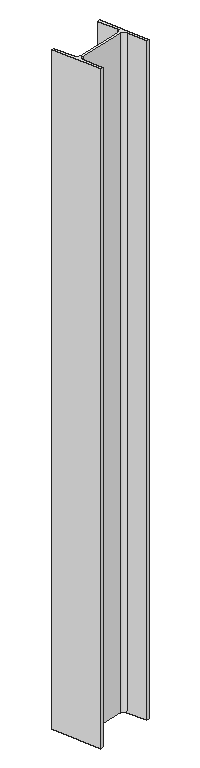
Revit family "M_W-Flange extensa-Coluna", category Pilares estruturais, Revit 2019
Family settings
  Forma do corte = Não definido
  Material para o comportamento do modelo = Aço
  Exportar sempre como geometria = Não
  Redução da viga na planta = Da caixa de vinculação
  Número OmniClass = 23.25.30.11.14.11
  Título OmniClass = Columns
  ID de item do Seek = W-Wide Flange-Column-0000-CAN-ENU
  Corte com vazios quando carregada = Não
  Representação simbólica = Das configurações de projeto
  Compartilhado = Não
  Exibir o pré-corte da família na vista da planta = Sim
Parameters (values of type "W250X49.1")
  W = 0.48
  Structural Material [instance] = Aço, 45-345
  Assembly Code = ""
  bf = 202 mm
  d = 247 mm
  k = 28 mm
  kr = k - tf  # 17 mm
  tf = 11 mm
  tw = 7.4 mm
  A = 0.006 m²
Types (2, lengths in mm): name | W | bf | d | k | kr | tf | tw | A
  W250X73 | 0.72 | 254 | 253 | 31 | 16.8 | 14.2 | 8.6 | 0.00931 m²
  W250X49.1 | 0.48 | 202 | 247 | 28 | 17 | 11 | 7.4 | 0.006 m²
Reference planes
  plane 1: y = 0
  plane 2: z = 0
  plane 3: x = 0
  plane 4: x = -101
  plane 5: x = 101
  plane 6: y = 123.5
  plane 7: y = -123.5
  plane 8: x = -3.969
  plane 9: x = 3.969
Forms (mm)
  Extrusion 1, solid, material "Aço, 45-345" <- "Structural Material", detail levels medium
    sketch origin (0, 0, 0) x (1, 0, 0) y (0, 1, 0)
      loop
        line (-101, 123.5) -> (-101, 112.5) -> (-3.7, 112.5) -> (-3.7, -112.5) -> (-101, -112.5) -> (-101, -123.5) -> (101, -123.5) -> (101, -112.5) -> (3.7, -112.5) -> (3.7, 112.5) -> (101, 112.5) -> (101, 123.5) -> (-101, 123.5)
    from 0 to 2500
  Extrusion 2, solid, material "Aço, 45-345" <- "Structural Material", detail levels fine
    sketch origin (0, 0, 0) x (1, 0, 0) y (0, 1, 0)
      loop
        line (-101, 123.5) -> (-101, 112.5) -> (-20.7, 112.5)
        arc (-20.7, 112.5) -> (-8.679, 107.521) -> (-3.7, 95.5) r 17
        line (-3.7, 95.5) -> (-3.7, -95.5)
        arc (-3.7, -95.5) -> (-8.679, -107.521) -> (-20.7, -112.5) r 17
        line (-20.7, -112.5) -> (-101, -112.5) -> (-101, -123.5) -> (101, -123.5) -> (101, -112.5) -> (20.7, -112.5)
        arc (20.7, -112.5) -> (8.679, -107.521) -> (3.7, -95.5) r 17
        line (3.7, -95.5) -> (3.7, 95.5)
        arc (3.7, 95.5) -> (8.679, 107.521) -> (20.7, 112.5) r 17
        line (20.7, 112.5) -> (101, 112.5) -> (101, 123.5) -> (-101, 123.5)
    from 0 to 2500
Lines and regions (mm)
  symbolic lines, style "StructuralColumnStickSymbols", detail levels coarse
    curve 1: line (-101, 123.5, 0) -> (101, 123.5, 0)
    curve 2: line (-101, -123.5, 0) -> (101, -123.5, 0)
    curve 3: line (0, 123.5, 0) -> (0, -123.5, 0)
  symbolic lines, style "Faces ocultas", detail levels medium+fine
    curve 4: line (-3.969, 0, 0) -> (-3.969, 0, 2500)
    curve 5: line (3.969, 0, 2500) -> (3.969, 0, 0)
Dimensions and locks
  equal spacing: plane 4, plane 3, plane 5
  equal spacing: plane 7, plane 1, plane 6
  "d": plane 7 to plane 6
  "bf": plane 4 to plane 5
  "tf": plane 7 to Extrusion 1 sketch curve
  "tf": Extrusion 1 sketch curve to plane 6
  equal spacing: Extrusion 1 sketch curve, plane 3, Extrusion 1 sketch curve
  "tw": Extrusion 1 sketch curve to Extrusion 1 sketch curve
  "kr": radius of Extrusion 2 sketch curve  (x4)
  aligned and locked: plane 6 to Extrusion 1 sketch curve
  aligned and locked: Extrusion 1 sketch curve to plane 7
  aligned and locked: Extrusion 1 sketch curve to plane 4  (x2)
  aligned and locked: plane 5 to Extrusion 1 sketch curve  (x2)
  aligned and locked: Extrusion 1 sketch curve to Extrusion 1 sketch curve  (x2)
  aligned and locked: level to Extrusion 1
  aligned and locked: level to plane 2
  aligned and locked: Extrusion 1 to plane 2
  aligned and locked: plane 6 to Extrusion 2 sketch curve
  aligned and locked: plane 5 to Extrusion 2 sketch curve  (x2)
  aligned and locked: Extrusion 2 sketch curve to plane 4  (x2)
  aligned and locked: Extrusion 2 sketch curve to Extrusion 1  (x6)
  aligned and locked: Extrusion 2 sketch curve to plane 7
  aligned and locked: level to Extrusion 2
  aligned and locked: Extrusion 2 to level
Automatic sketch dimensions
  curve 2 to plane 4 = 0 mm
  curve 1 to plane 4 = 0 mm
  curve 3 to plane 3 = 0 mm
  curve 2 to plane 5 = 0 mm
  curve 1 to plane 5 = 0 mm
  curve 3 to plane 7 = 0 mm
  curve 3 to plane 6 = 0 mm
  curve 4 to level = 0 mm  (x2)
  curve 4 to plane 8 = 0 mm
  curve 5 to level = 0 mm  (x2)
  curve 5 to plane 9 = 0 mm
Types in the file's own list only (272): name | W | bf | d | k | kr | tf | tw | A
  W1100X499 | 4.894 | 404 mm | 1120 mm | 67 mm | 22 mm | 45 mm | 26 mm | 0.06 m²
  W1100X433 | 4.246 | 401 mm | 1110 mm | 62 mm | 22 mm | 40 mm | 22 mm | 0.06 m²
  W1100X390 | 3.825 | 401 mm | 1100 mm | 57 mm | 21 mm | 36 mm | 20 mm | 0.05 m²
  W1100X343 | 3.364 | 401 mm | 1090 mm | 52 mm | 21 mm | 31 mm | 18 mm | 0.04 m²
  W1000X883 | 8.659 | 424 mm | 1090 mm | 114 mm | 32 mm | 82 mm | 46 mm | 0.11 m²
  W1000X748 | 7.335 | 417 mm | 1070 mm | 102 mm | 32 mm | 70 mm | 39 mm | 0.10 m²
  W1000X642 | 6.296 | 411 mm | 1050 mm | 92 mm | 32 mm | 60 mm | 34 mm | 0.08 m²
  W1000X591 | 5.796 | 409 mm | 1040 mm | 89 mm | 33 mm | 56 mm | 31 mm | 0.08 m²
  W1000X554 | 5.433 | 409 mm | 1030 mm | 84 mm | 32 mm | 52 mm | 30 mm | 0.07 m²
  W1000X539 | 5.286 | 406 mm | 1030 mm | 83 mm | 32 mm | 51 mm | 28 mm | 0.07 m²
  W1000X483 | 4.737 | 404 mm | 1020 mm | 78 mm | 32 mm | 46 mm | 25 mm | 0.06 m²
  W1000X443 | 4.344 | 401 mm | 1010 mm | 75 mm | 33 mm | 42 mm | 24 mm | 0.06 m²
  W1000X412 | 4.04 | 401 mm | 1010 mm | 73 mm | 33 mm | 40 mm | 21 mm | 0.05 m²
  W1000X371 | 3.638 | 401 mm | 1000 mm | 68 mm | 32 mm | 36 mm | 19 mm | 0.05 m²
  W1000X321 | 3.148 | 401 mm | 991 mm | 64 mm | 33 mm | 31 mm | 17 mm | 0.04 m²
  W1000X296 | 2.903 | 401 mm | 983 mm | 59 mm | 32 mm | 27 mm | 17 mm | 0.04 m²
  W1000X584 | 5.727 | 315 mm | 1060 mm | 97 mm | 33 mm | 64 mm | 36 mm | 0.07 m²
  W1000X494 | 4.844 | 310 mm | 1040 mm | 86 mm | 32 mm | 54 mm | 31 mm | 0.06 m²
  W1000X486 | 4.766 | 307 mm | 1040 mm | 86 mm | 32 mm | 54 mm | 30 mm | 0.06 m²
  W1000X438 | 4.295 | 305 mm | 1030 mm | 81 mm | 32 mm | 49 mm | 27 mm | 0.06 m²
  W1000X415 | 4.07 | 305 mm | 1020 mm | 78 mm | 32 mm | 46 mm | 26 mm | 0.05 m²
  W1000X393 | 3.854 | 302 mm | 1020 mm | 76 mm | 32 mm | 44 mm | 24 mm | 0.05 m²
  W1000X350 | 3.432 | 302 mm | 1010 mm | 73 mm | 33 mm | 40 mm | 21 mm | 0.04 m²
  W1000X314 | 3.079 | 300 mm | 1000 mm | 68 mm | 32 mm | 36 mm | 19 mm | 0.04 m²
  W1000X272 | 2.667 | 300 mm | 991 mm | 64 mm | 33 mm | 31 mm | 17 mm | 0.03 m²
  W1000X249 | 2.442 | 300 mm | 980 mm | 59 mm | 33 mm | 26 mm | 17 mm | 0.03 m²
  W1000X222 | 2.177 | 300 mm | 970 mm | 54 mm | 33 mm | 21 mm | 16 mm | 0.03 m²
  W920X1191 | 11.67 | 457 mm | 1080 mm | 141 mm | 32 mm | 109 mm | 61 mm | 0.15 m²
  W920X970 | 9.512 | 447 mm | 1040 mm | 122 mm | 32 mm | 90 mm | 50 mm | 0.12 m²
  W920X787 | 7.718 | 437 mm | 1010 mm | 106 mm | 32 mm | 74 mm | 41 mm | 0.10 m²
  W920X725 | 7.11 | 434 mm | 998 mm | 102 mm | 34 mm | 68 mm | 38 mm | 0.09 m²
  W920X656 | 6.433 | 432 mm | 988 mm | 95 mm | 33 mm | 62 mm | 35 mm | 0.08 m²
  W920X588 | 5.766 | 427 mm | 975 mm | 87 mm | 31 mm | 56 mm | 31 mm | 0.07 m²
  W920X537 | 5.266 | 424 mm | 965 mm | 84 mm | 33 mm | 51 mm | 28 mm | 0.07 m²
  W920X491 | 4.815 | 422 mm | 958 mm | 79 mm | 32 mm | 47 mm | 26 mm | 0.06 m²
  W920X449 | 4.403 | 424 mm | 947 mm | 76 mm | 34 mm | 43 mm | 24 mm | 0.06 m²
  W920X420 | 4.119 | 422 mm | 942 mm | 73 mm | 33 mm | 40 mm | 23 mm | 0.05 m²
  W920X390 | 3.825 | 422 mm | 937 mm | 70 mm | 33 mm | 37 mm | 21 mm | 0.05 m²
  W920X368 | 3.609 | 419 mm | 932 mm | 67 mm | 32 mm | 34 mm | 20 mm | 0.05 m²
  W920X344 | 3.383 | 419 mm | 927 mm | 65 mm | 33 mm | 32 mm | 19 mm | 0.04 m²
  W920X381 | 3.736 | 310 mm | 950 mm | 67 mm | 23 mm | 44 mm | 24 mm | 0.05 m²
  W920X345 | 3.383 | 307 mm | 942 mm | 62 mm | 22 mm | 40 mm | 22 mm | 0.04 m²
  W920X313 | 3.069 | 310 mm | 932 mm | 59 mm | 24 mm | 35 mm | 21 mm | 0.04 m²
  W920X289 | 2.834 | 307 mm | 927 mm | 56 mm | 24 mm | 32 mm | 19 mm | 0.04 m²
  W920X271 | 2.658 | 307 mm | 922 mm | 54 mm | 24 mm | 30 mm | 18 mm | 0.03 m²
  W920X253 | 2.481 | 305 mm | 919 mm | 51 mm | 23 mm | 28 mm | 17 mm | 0.03 m²
  W920X238 | 2.334 | 305 mm | 914 mm | 49 mm | 23 mm | 26 mm | 17 mm | 0.03 m²
  W920X223 | 2.187 | 305 mm | 912 mm | 48 mm | 24 mm | 24 mm | 16 mm | 0.03 m²
  W920X201 | 1.971 | 305 mm | 904 mm | 43 mm | 23 mm | 20 mm | 15 mm | 0.03 m²
  W840X576 | 5.649 | 411 mm | 914 mm | 81 mm | 23 mm | 58 mm | 32 mm | 0.07 m²
  W840X527 | 5.168 | 409 mm | 904 mm | 75 mm | 22 mm | 53 mm | 30 mm | 0.07 m²
  W840X473 | 4.639 | 406 mm | 894 mm | 70 mm | 22 mm | 48 mm | 26 mm | 0.06 m²
  W840X433 | 4.246 | 404 mm | 884 mm | 67 mm | 23 mm | 44 mm | 24 mm | 0.06 m²
  W840X392 | 3.844 | 401 mm | 876 mm | 62 mm | 22 mm | 40 mm | 22 mm | 0.05 m²
  W840X359 | 3.521 | 404 mm | 869 mm | 57 mm | 22 mm | 36 mm | 21 mm | 0.05 m²
  W840X329 | 3.226 | 401 mm | 861 mm | 54 mm | 22 mm | 33 mm | 20 mm | 0.04 m²
  W840X299 | 2.932 | 399 mm | 856 mm | 51 mm | 22 mm | 29 mm | 18 mm | 0.04 m²
  W840X251 | 2.461 | 292 mm | 859 mm | 54 mm | 23 mm | 31 mm | 17 mm | 0.03 m²
  W840X226 | 2.216 | 295 mm | 851 mm | 49 mm | 22 mm | 27 mm | 16 mm | 0.03 m²
  W840X210 | 2.059 | 292 mm | 846 mm | 46 mm | 22 mm | 24 mm | 15 mm | 0.03 m²
  W840X193 | 1.893 | 292 mm | 841 mm | 45 mm | 23 mm | 22 mm | 15 mm | 0.02 m²
  W840X176 | 1.726 | 292 mm | 836 mm | 41 mm | 23 mm | 19 mm | 14 mm | 0.02 m²
  W760X582 | 5.707 | 396 mm | 843 mm | 86 mm | 24 mm | 62 mm | 35 mm | 0.07 m²
  W760X531 | 5.207 | 394 mm | 833 mm | 79 mm | 23 mm | 57 mm | 32 mm | 0.07 m²
  W760X484 | 4.746 | 391 mm | 823 mm | 75 mm | 23 mm | 52 mm | 29 mm | 0.06 m²
  W760X434 | 4.256 | 389 mm | 813 mm | 70 mm | 23 mm | 47 mm | 26 mm | 0.06 m²
  W760X389 | 3.815 | 386 mm | 803 mm | 65 mm | 23 mm | 42 mm | 24 mm | 0.05 m²
  W760X350 | 3.432 | 384 mm | 795 mm | 60 mm | 22 mm | 38 mm | 21 mm | 0.04 m²
  W760X314 | 3.079 | 384 mm | 785 mm | 57 mm | 24 mm | 34 mm | 20 mm | 0.04 m²
  W760X284 | 2.785 | 381 mm | 780 mm | 52 mm | 22 mm | 30 mm | 18 mm | 0.04 m²
  W760X257 | 2.52 | 381 mm | 772 mm | 51 mm | 24 mm | 27 mm | 17 mm | 0.03 m²
  W760X220 | 2.157 | 267 mm | 780 mm | 52 mm | 22 mm | 30 mm | 17 mm | 0.03 m²
  W760X196 | 1.922 | 267 mm | 770 mm | 48 mm | 22 mm | 25 mm | 16 mm | 0.03 m²
  W760X185 | 1.814 | 267 mm | 767 mm | 46 mm | 22 mm | 24 mm | 15 mm | 0.02 m²
  W760X173 | 1.697 | 267 mm | 762 mm | 45 mm | 23 mm | 22 mm | 14 mm | 0.02 m²
  W760X161 | 1.579 | 267 mm | 757 mm | 43 mm | 24 mm | 19 mm | 14 mm | 0.02 m²
  W760X147 | 1.442 | 267 mm | 754 mm | 40 mm | 23 mm | 17 mm | 13 mm | 0.02 m²
  W760X134 | 1.314 | 264 mm | 749 mm | 38 mm | 23 mm | 16 mm | 12 mm | 0.02 m²
  W690X802 | 7.865 | 389 mm | 826 mm | 113 mm | 23 mm | 90 mm | 50 mm | 0.10 m²
  W690X548 | 5.374 | 373 mm | 772 mm | 86 mm | 23 mm | 63 mm | 35 mm | 0.07 m²
  W690X500 | 4.903 | 371 mm | 762 mm | 81 mm | 23 mm | 58 mm | 32 mm | 0.06 m²
  W690X457 | 4.482 | 366 mm | 752 mm | 76 mm | 23 mm | 53 mm | 30 mm | 0.06 m²
  W690X419 | 4.109 | 366 mm | 744 mm | 71 mm | 22 mm | 49 mm | 27 mm | 0.05 m²
  W690X384 | 3.766 | 363 mm | 737 mm | 68 mm | 23 mm | 45 mm | 25 mm | 0.05 m²
  W690X350 | 3.432 | 361 mm | 729 mm | 64 mm | 23 mm | 41 mm | 23 mm | 0.04 m²
  W690X323 | 3.168 | 358 mm | 721 mm | 60 mm | 22 mm | 38 mm | 21 mm | 0.04 m²
  W690X289 | 3.815 | 356 mm | 714 mm | 57 mm | 23 mm | 34 mm | 19 mm | 0.04 m²
  W690X265 | 3.579 | 358 mm | 706 mm | 52 mm | 22 mm | 30 mm | 18 mm | 0.03 m²
  W690X240 | 2.354 | 356 mm | 701 mm | 51 mm | 23 mm | 27 mm | 17 mm | 0.03 m²
  W690X217 | 2.128 | 356 mm | 696 mm | 48 mm | 23 mm | 25 mm | 15 mm | 0.03 m²
  W690X192 | 1.883 | 254 mm | 701 mm | 51 mm | 23 mm | 28 mm | 16 mm | 0.02 m²
  W690X170 | 1.667 | 257 mm | 693 mm | 46 mm | 22 mm | 24 mm | 15 mm | 0.02 m²
  W690X152 | 1.491 | 254 mm | 688 mm | 45 mm | 23 mm | 21 mm | 13 mm | 0.02 m²
  W690X140 | 1.373 | 254 mm | 683 mm | 41 mm | 22 mm | 19 mm | 12 mm | 0.02 m²
  W690X125 | 1.226 | 254 mm | 678 mm | 40 mm | 23 mm | 16 mm | 12 mm | 0.02 m²
  W610X551 | 5.403 | 348 mm | 711 mm | 92 mm | 23 mm | 69 mm | 39 mm | 0.07 m²
  W610X498 | 4.884 | 343 mm | 699 mm | 86 mm | 23 mm | 63 mm | 35 mm | 0.06 m²
  W610X455 | 4.462 | 340 mm | 688 mm | 81 mm | 23 mm | 58 mm | 32 mm | 0.06 m²
  W610X415 | 4.07 | 338 mm | 678 mm | 76 mm | 23 mm | 53 mm | 30 mm | 0.05 m²
  W610X372 | 3.648 | 335 mm | 668 mm | 71 mm | 23 mm | 48 mm | 26 mm | 0.05 m²
  W610X341 | 3.344 | 333 mm | 660 mm | 67 mm | 23 mm | 44 mm | 24 mm | 0.04 m²
  W610X307 | 3.011 | 330 mm | 653 mm | 64 mm | 24 mm | 40 mm | 22 mm | 0.04 m²
  W610X285 | 2.795 | 330 mm | 648 mm | 60 mm | 23 mm | 37 mm | 21 mm | 0.04 m²
  W610X262 | 2.569 | 328 mm | 640 mm | 57 mm | 23 mm | 34 mm | 19 mm | 0.03 m²
  W610X241 | 2.363 | 330 mm | 635 mm | 54 mm | 23 mm | 31 mm | 18 mm | 0.03 m²
  W610X217 | 2.128 | 328 mm | 627 mm | 51 mm | 23 mm | 28 mm | 17 mm | 0.03 m²
  W610X195 | 1.912 | 328 mm | 622 mm | 48 mm | 23 mm | 24 mm | 15 mm | 0.02 m²
  W610X174 | 1.706 | 325 mm | 617 mm | 45 mm | 23 mm | 22 mm | 14 mm | 0.02 m²
  W610X155 | 1.52 | 325 mm | 612 mm | 41 mm | 22 mm | 19 mm | 13 mm | 0.02 m²
  W610X153 | 1.5 | 229 mm | 622 mm | 48 mm | 23 mm | 25 mm | 14 mm | 0.02 m²
  W610X140 | 1.373 | 230 mm | 617 mm | 45 mm | 22 mm | 22 mm | 13 mm | 0.02 m²
  W610X125 | 1.226 | 229 mm | 612 mm | 43 mm | 23 mm | 20 mm | 12 mm | 0.02 m²
  W610X113 | 1.108 | 228 mm | 607 mm | 40 mm | 22 mm | 17 mm | 11 mm | 0.01 m²
  W610X101 | 0.99 | 228 mm | 602 mm | 38 mm | 23 mm | 15 mm | 11 mm | 0.01 m²
  W610X92 | 0.902 | 179 mm | 602 mm | 38 mm | 23 mm | 15 mm | 11 mm | 0.01 m²
  W610X82 | 0.804 | 178 mm | 599 mm | 37 mm | 24 mm | 13 mm | 10 mm | 0.01 m²
  W530X300 | 2.942 | 320 mm | 584 mm | 64 mm | 22 mm | 41 mm | 23 mm | 0.04 m²
  W530X272 | 2.667 | 318 mm | 577 mm | 60 mm | 23 mm | 38 mm | 21 mm | 0.03 m²
  W530X248 | 2.432 | 315 mm | 572 mm | 57 mm | 23 mm | 35 mm | 19 mm | 0.03 m²
  W530X219 | 2.148 | 318 mm | 561 mm | 51 mm | 22 mm | 29 mm | 18 mm | 0.03 m²
  W530X196 | 1.922 | 315 mm | 554 mm | 49 mm | 23 mm | 26 mm | 17 mm | 0.03 m²
  W530X182 | 1.785 | 315 mm | 551 mm | 46 mm | 22 mm | 24 mm | 15 mm | 0.02 m²
  W530X165 | 1.618 | 312 mm | 546 mm | 45 mm | 22 mm | 22 mm | 14 mm | 0.02 m²
  W530X150 | 1.471 | 312 mm | 544 mm | 43 mm | 23 mm | 20 mm | 13 mm | 0.02 m²
  W530X138 | 1.353 | 214 mm | 549 mm | 41 mm | 18 mm | 24 mm | 15 mm | 0.02 m²
  W530X123 | 1.206 | 212 mm | 544 mm | 38 mm | 17 mm | 21 mm | 13 mm | 0.02 m²
  W530X109 | 1.069 | 211 mm | 538 mm | 37 mm | 18 mm | 19 mm | 12 mm | 0.01 m²
  W530X101 | 0.99 | 210 mm | 536 mm | 35 mm | 18 mm | 17 mm | 11 mm | 0.01 m²
  W530X92 | 0.902 | 209 mm | 533 mm | 33 mm | 18 mm | 16 mm | 10 mm | 0.01 m²
  W530X82 | 0.804 | 209 mm | 528 mm | 30 mm | 17 mm | 13 mm | 10 mm | 0.01 m²
  W530X72 | 0.706 | 207 mm | 523 mm | 29 mm | 18 mm | 11 mm | 9 mm | 0.01 m²
  W530X85 | 0.834 | 167 mm | 536 mm | 33 mm | 17 mm | 17 mm | 10 mm | 0.01 m²
  W530X74 | 0.726 | 166 mm | 528 mm | 32 mm | 18 mm | 14 mm | 10 mm | 0.01 m²
  W530X66 | 0.647 | 165 mm | 526 mm | 29 mm | 17 mm | 11 mm | 9 mm | 0.01 m²
  W460X464 | 4.55 | 305 mm | 566 mm | 87 mm | 18 mm | 70 mm | 39 mm | 0.06 m²
  W460X421 | 4.129 | 302 mm | 556 mm | 81 mm | 18 mm | 64 mm | 36 mm | 0.05 m²
  W460X384 | 3.766 | 300 mm | 546 mm | 76 mm | 18 mm | 58 mm | 33 mm | 0.05 m²
  W460X349 | 3.423 | 297 mm | 536 mm | 70 mm | 16 mm | 54 mm | 30 mm | 0.04 m²
  W460X315 | 3.089 | 295 mm | 526 mm | 65 mm | 17 mm | 49 mm | 27 mm | 0.04 m²
  W460X286 | 2.805 | 292 mm | 518 mm | 62 mm | 17 mm | 45 mm | 24 mm | 0.04 m²
  W460X260 | 2.55 | 290 mm | 508 mm | 62 mm | 22 mm | 40 mm | 23 mm | 0.03 m²
  W460X235 | 2.305 | 287 mm | 500 mm | 60 mm | 24 mm | 37 mm | 21 mm | 0.03 m²
  W460X213 | 2.089 | 284 mm | 495 mm | 56 mm | 22 mm | 34 mm | 19 mm | 0.03 m²
  W460X193 | 1.893 | 284 mm | 490 mm | 52 mm | 22 mm | 31 mm | 17 mm | 0.02 m²
  W460X177 | 1.736 | 287 mm | 483 mm | 49 mm | 22 mm | 27 mm | 17 mm | 0.02 m²
  W460X158 | 1.549 | 284 mm | 475 mm | 46 mm | 22 mm | 24 mm | 15 mm | 0.02 m²
  W460X144 | 1.412 | 282 mm | 472 mm | 45 mm | 22 mm | 22 mm | 14 mm | 0.02 m²
  W460X128 | 1.255 | 282 mm | 467 mm | 41 mm | 22 mm | 20 mm | 12 mm | 0.02 m²
  W460X113 | 1.108 | 279 mm | 462 mm | 40 mm | 22 mm | 17 mm | 11 mm | 0.01 m²
  W460X106 | 1.04 | 194 mm | 470 mm | 38 mm | 18 mm | 21 mm | 13 mm | 0.01 m²
  W460X97 | 0.951 | 193 mm | 467 mm | 37 mm | 17 mm | 19 mm | 11 mm | 0.01 m²
  W460X89 | 0.873 | 192 mm | 462 mm | 35 mm | 17 mm | 18 mm | 11 mm | 0.01 m²
  W460X82 | 0.804 | 191 mm | 460 mm | 33 mm | 17 mm | 16 mm | 10 mm | 0.01 m²
  W460X74 | 0.726 | 191 mm | 457 mm | 32 mm | 17 mm | 15 mm | 9 mm | 0.01 m²
  W460X68 | 0.667 | 154 mm | 460 mm | 32 mm | 16 mm | 15 mm | 9 mm | 0.01 m²
  W460X60 | 0.588 | 153 mm | 455 mm | 30 mm | 17 mm | 13 mm | 8 mm | 0.01 m²
  W460X52 | 0.51 | 152 mm | 450 mm | 29 mm | 18 mm | 11 mm | 8 mm | 0.01 m²
  W410X149 | 1.461 | 264 mm | 432 mm | 48 mm | 23 mm | 25 mm | 15 mm | 0.02 m²
  W410X132 | 1.294 | 264 mm | 427 mm | 45 mm | 22 mm | 22 mm | 13 mm | 0.02 m²
  W410X114 | 1.118 | 262 mm | 419 mm | 41 mm | 22 mm | 19 mm | 12 mm | 0.01 m²
  W410X100 | 0.981 | 259 mm | 414 mm | 40 mm | 23 mm | 17 mm | 10 mm | 0.01 m²
  W410X85 | 0.834 | 181 mm | 417 mm | 35 mm | 17 mm | 18 mm | 11 mm | 0.01 m²
  W410X75 | 0.735 | 180 mm | 414 mm | 33 mm | 17 mm | 16 mm | 10 mm | 0.01 m²
  W410X67 | 0.657 | 179 mm | 409 mm | 32 mm | 17 mm | 14 mm | 9 mm | 0.01 m²
  W410X60 | 0.588 | 178 mm | 406 mm | 30 mm | 17 mm | 13 mm | 8 mm | 0.01 m²
  W410X53 | 0.52 | 178 mm | 404 mm | 29 mm | 18 mm | 11 mm | 7 mm | 0.01 m²
  W410X46.1 | 0.452 | 140 mm | 404 mm | 29 mm | 17 mm | 11 mm | 7 mm | 0.01 m²
  W410X38.8 | 0.38 | 140 mm | 399 mm | 27 mm | 18 mm | 9 mm | 6 mm | 0.00 m²
  W360X1086 | 10.689 | 455 mm | 569 mm | 157 mm | 32 mm | 125 mm | 78 mm | 0.14 m²
  W360X990 | 9.709 | 450 mm | 549 mm | 148 mm | 33 mm | 115 mm | 72 mm | 0.13 m²
  W360X900 | 8.826 | 442 mm | 531 mm | 138 mm | 32 mm | 106 mm | 66 mm | 0.12 m²
  W360X818 | 8.022 | 437 mm | 513 mm | 130 mm | 33 mm | 97 mm | 61 mm | 0.11 m²
  W360X744 | 7.296 | 432 mm | 498 mm | 122 mm | 33 mm | 89 mm | 56 mm | 0.09 m²
  W360X677 | 6.639 | 427 mm | 483 mm | 114 mm | 33 mm | 82 mm | 51 mm | 0.09 m²
  W360X634 | 6.217 | 424 mm | 475 mm | 110 mm | 33 mm | 77 mm | 48 mm | 0.08 m²
  W360X592 | 5.806 | 422 mm | 465 mm | 105 mm | 33 mm | 72 mm | 45 mm | 0.08 m²
  W360X551 | 5.403 | 419 mm | 455 mm | 100 mm | 32 mm | 68 mm | 42 mm | 0.07 m²
  W360X509 | 4.992 | 417 mm | 445 mm | 95 mm | 33 mm | 63 mm | 39 mm | 0.07 m²
  W360X463 | 4.54 | 411 mm | 434 mm | 91 mm | 33 mm | 57 mm | 36 mm | 0.06 m²
  W360X421 | 4.129 | 409 mm | 424 mm | 86 mm | 33 mm | 53 mm | 33 mm | 0.05 m²
  W360X382 | 3.746 | 406 mm | 417 mm | 81 mm | 33 mm | 48 mm | 30 mm | 0.05 m²
  W360X347 | 0.363 | 404 mm | 406 mm | 76 mm | 33 mm | 44 mm | 27 mm | 0.04 m²
  W360X314 | 3.079 | 401 mm | 399 mm | 73 mm | 33 mm | 40 mm | 25 mm | 0.04 m²
  W360X287 | 2.815 | 399 mm | 394 mm | 70 mm | 33 mm | 37 mm | 23 mm | 0.04 m²
  W360X262 | 2.569 | 399 mm | 386 mm | 67 mm | 33 mm | 33 mm | 21 mm | 0.03 m²
  W360X237 | 2.324 | 396 mm | 381 mm | 64 mm | 33 mm | 30 mm | 19 mm | 0.03 m²
  W360X216 | 2.118 | 394 mm | 376 mm | 60 mm | 33 mm | 28 mm | 17 mm | 0.03 m²
  W360X196 | 1.922 | 373 mm | 373 mm | 59 mm | 33 mm | 26 mm | 16 mm | 0.03 m²
  W360X179 | 1.755 | 373 mm | 368 mm | 57 mm | 33 mm | 24 mm | 15 mm | 0.02 m²
  W360X162 | 1.589 | 371 mm | 363 mm | 56 mm | 34 mm | 22 mm | 13 mm | 0.02 m²
  W360X147 | 1.442 | 371 mm | 361 mm | 52 mm | 33 mm | 20 mm | 12 mm | 0.02 m²
  W360X134 | 1.314 | 368 mm | 356 mm | 51 mm | 33 mm | 18 mm | 11 mm | 0.02 m²
  W360X122 | 1.196 | 257 mm | 363 mm | 43 mm | 21 mm | 22 mm | 13 mm | 0.02 m²
  W360X110 | 1.079 | 257 mm | 361 mm | 41 mm | 21 mm | 20 mm | 11 mm | 0.01 m²
  W360X101 | 0.99 | 254 mm | 356 mm | 40 mm | 21 mm | 18 mm | 11 mm | 0.01 m²
  W360X91 | 0.892 | 254 mm | 353 mm | 38 mm | 22 mm | 16 mm | 10 mm | 0.01 m²
  W360X79 | 0.775 | 205 mm | 353 mm | 38 mm | 21 mm | 17 mm | 9 mm | 0.01 m²
  W360X72 | 0.706 | 204 mm | 351 mm | 37 mm | 21 mm | 15 mm | 9 mm | 0.01 m²
  W360X64 | 0.628 | 203 mm | 348 mm | 35 mm | 21 mm | 14 mm | 8 mm | 0.01 m²
  W360X57.8 | 0.567 | 172 mm | 358 mm | 32 mm | 19 mm | 13 mm | 8 mm | 0.01 m²
  W360X51 | 0.5 | 171 mm | 356 mm | 30 mm | 19 mm | 12 mm | 7 mm | 0.01 m²
  W360X44 | 0.431 | 171 mm | 351 mm | 29 mm | 19 mm | 10 mm | 7 mm | 0.01 m²
  W360X39 | 0.382 | 128 mm | 353 mm | 29 mm | 18 mm | 11 mm | 6 mm | 0.00 m²
  W360X32.9 | 0.323 | 127 mm | 348 mm | 27 mm | 18 mm | 9 mm | 6 mm | 0.00 m²
  W310X500 | 4.903 | 340 mm | 427 mm | 98 mm | 23 mm | 75 mm | 45 mm | 0.06 m²
  W310X454 | 4.452 | 335 mm | 414 mm | 92 mm | 23 mm | 69 mm | 41 mm | 0.06 m²
  W310X415 | 4.07 | 333 mm | 404 mm | 86 mm | 23 mm | 63 mm | 39 mm | 0.05 m²
  W310X375 | 3.677 | 330 mm | 391 mm | 79 mm | 22 mm | 57 mm | 36 mm | 0.05 m²
  W310X342 | 3.354 | 328 mm | 384 mm | 75 mm | 22 mm | 53 mm | 33 mm | 0.04 m²
  W310X313 | 3.069 | 325 mm | 373 mm | 71 mm | 23 mm | 48 mm | 30 mm | 0.04 m²
  W310X283 | 2.775 | 323 mm | 366 mm | 67 mm | 23 mm | 44 mm | 27 mm | 0.04 m²
  W310X253 | 2.481 | 320 mm | 356 mm | 62 mm | 22 mm | 40 mm | 24 mm | 0.03 m²
  W310X226 | 2.216 | 318 mm | 348 mm | 59 mm | 23 mm | 36 mm | 22 mm | 0.03 m²
  W310X202 | 1.981 | 315 mm | 340 mm | 54 mm | 22 mm | 32 mm | 20 mm | 0.03 m²
  W310X179 | 1.755 | 312 mm | 333 mm | 51 mm | 23 mm | 28 mm | 18 mm | 0.02 m²
  W310X158 | 1.549 | 310 mm | 328 mm | 48 mm | 23 mm | 25 mm | 16 mm | 0.02 m²
  W310X143 | 1.402 | 310 mm | 323 mm | 46 mm | 23 mm | 23 mm | 14 mm | 0.02 m²
  W310X129 | 1.265 | 307 mm | 318 mm | 43 mm | 22 mm | 21 mm | 13 mm | 0.02 m²
  W310X117 | 1.147 | 307 mm | 315 mm | 41 mm | 23 mm | 19 mm | 12 mm | 0.02 m²
  W310X107 | 1.049 | 305 mm | 312 mm | 40 mm | 23 mm | 17 mm | 11 mm | 0.01 m²
  W310X97 | 0.951 | 305 mm | 307 mm | 38 mm | 23 mm | 15 mm | 10 mm | 0.01 m²
  W310X86 | 0.843 | 254 mm | 310 mm | 38 mm | 22 mm | 16 mm | 9 mm | 0.01 m²
  W310X79 | 0.775 | 254 mm | 307 mm | 35 mm | 20 mm | 15 mm | 9 mm | 0.01 m²
  W310X74 | 0.726 | 205 mm | 310 mm | 38 mm | 22 mm | 16 mm | 9 mm | 0.01 m²
  W310X67 | 0.657 | 204 mm | 307 mm | 35 mm | 20 mm | 15 mm | 9 mm | 0.01 m²
  W310X60 | 0.588 | 203 mm | 302 mm | 35 mm | 22 mm | 13 mm | 7 mm | 0.01 m²
  W310X52 | 0.51 | 167 mm | 318 mm | 30 mm | 17 mm | 13 mm | 8 mm | 0.01 m²
  W310X44.5 | 0.436 | 166 mm | 312 mm | 29 mm | 17 mm | 11 mm | 7 mm | 0.01 m²
  W310X38.7 | 0.38 | 165 mm | 310 mm | 27 mm | 17 mm | 10 mm | 6 mm | 0.00 m²
  W310X32.7 | 0.321 | 102 mm | 312 mm | 24 mm | 13 mm | 11 mm | 7 mm | 0.00 m²
  W310X28.3 | 0.278 | 102 mm | 310 mm | 22 mm | 13 mm | 9 mm | 6 mm | 0.00 m²
  W310X23.8 | 0.233 | 101 mm | 305 mm | 21 mm | 14 mm | 7 mm | 6 mm | 0.00 m²
  W310X21 | 0.206 | 101 mm | 302 mm | 19 mm | 13 mm | 6 mm | 5 mm | 0.00 m²
  W250X167 | 1.638 | 264 mm | 290 mm | 49 mm | 17 mm | 32 mm | 19 mm | 0.02 m²
  W250X149 | 1.461 | 262 mm | 282 mm | 46 mm | 18 mm | 28 mm | 17 mm | 0.02 m²
  W250X131 | 1.285 | 262 mm | 274 mm | 43 mm | 18 mm | 25 mm | 15 mm | 0.02 m²
  W250X115 | 1.128 | 259 mm | 269 mm | 40 mm | 18 mm | 22 mm | 14 mm | 0.01 m²
  W250X101 | 0.99 | 257 mm | 264 mm | 37 mm | 17 mm | 20 mm | 12 mm | 0.01 m²
  W250X89 | 0.873 | 257 mm | 259 mm | 35 mm | 18 mm | 17 mm | 11 mm | 0.01 m²
  W250X80 | 0.785 | 254 mm | 257 mm | 33 mm | 18 mm | 16 mm | 9 mm | 0.01 m²
  W250X67 | 0.657 | 204 mm | 257 mm | 33 mm | 18 mm | 16 mm | 9 mm | 0.01 m²
  W250X58 | 0.569 | 203 mm | 252 mm | 30 mm | 17 mm | 14 mm | 8 mm | 0.01 m²
  W250X44.8 | 0.439 | 148 mm | 267 mm | 29 mm | 16 mm | 13 mm | 8 mm | 0.01 m²
  W250X38.5 | 0.378 | 147 mm | 262 mm | 27 mm | 16 mm | 11 mm | 7 mm | 0.00 m²
  W250X32.7 | 0.321 | 146 mm | 259 mm | 24 mm | 15 mm | 9 mm | 6 mm | 0.00 m²
  W250X28.4 | 0.279 | 102 mm | 259 mm | 24 mm | 14 mm | 10 mm | 6 mm | 0.00 m²
  W250X25.3 | 0.248 | 102 mm | 257 mm | 22 mm | 14 mm | 8 mm | 6 mm | 0.00 m²
  W250X22.3 | 0.023 | 102 mm | 254 mm | 21 mm | 14 mm | 7 mm | 6 mm | 0.00 m²
  W250X17.9 | 0.176 | 101 mm | 251 mm | 19 mm | 14 mm | 5 mm | 5 mm | 0.00 m²
  W200X100 | 0.981 | 210 mm | 229 mm | 41 mm | 18 mm | 24 mm | 15 mm | 0.01 m²
  W200X86 | 0.843 | 209 mm | 222 mm | 38 mm | 18 mm | 21 mm | 13 mm | 0.01 m²
  W200X71 | 0.696 | 206 mm | 216 mm | 35 mm | 18 mm | 17 mm | 10 mm | 0.01 m²
  W200X59 | 0.579 | 205 mm | 210 mm | 32 mm | 18 mm | 14 mm | 9 mm | 0.01 m²
  W200X52 | 0.51 | 204 mm | 206 mm | 30 mm | 18 mm | 13 mm | 8 mm | 0.01 m²
  W200X46.1 | 0.452 | 203 mm | 203 mm | 29 mm | 18 mm | 11 mm | 7 mm | 0.01 m²
  W200X41.7 | 0.409 | 166 mm | 205 mm | 24 mm | 12 mm | 12 mm | 7 mm | 0.01 m²
  W200X35.9 | 0.352 | 165 mm | 201 mm | 22 mm | 12 mm | 10 mm | 6 mm | 0.00 m²
  W200X31.3 | 0.307 | 134 mm | 210 mm | 22 mm | 12 mm | 10 mm | 6 mm | 0.00 m²
  W200X26.6 | 0.261 | 133 mm | 207 mm | 21 mm | 12 mm | 8 mm | 6 mm | 0.00 m²
  W200X22.5 | 0.221 | 102 mm | 206 mm | 21 mm | 13 mm | 8 mm | 6 mm | 0.00 m²
  W200X19.3 | 0.189 | 102 mm | 203 mm | 19 mm | 13 mm | 6 mm | 6 mm | 0.00 m²
  W200X15 | 0.147 | 100 mm | 200 mm | 18 mm | 12 mm | 5 mm | 4 mm | 0.00 m²
  W150X37.1 | 0.364 | 154 mm | 162 mm | 24 mm | 12 mm | 12 mm | 8 mm | 0.00 m²
  W150X29.8 | 0.292 | 153 mm | 157 mm | 22 mm | 13 mm | 9 mm | 7 mm | 0.00 m²
  W150X22.5 | 0.221 | 152 mm | 152 mm | 19 mm | 13 mm | 7 mm | 6 mm | 0.00 m²
  W150X24 | 0.235 | 102 mm | 160 mm | 22 mm | 12 mm | 10 mm | 7 mm | 0.00 m²
  W150X18 | 0.177 | 102 mm | 153 mm | 19 mm | 12 mm | 7 mm | 6 mm | 0.00 m²
  W150X13.5 | 0.132 | 100 mm | 150 mm | 18 mm | 12 mm | 5 mm | 4 mm | 0.00 m²
  W150X13 | 0.127 | 100 mm | 148 mm | 18 mm | 13 mm | 5 mm | 4 mm | 0.00 m²
  W130X28.1 | 0.276 | 128 mm | 131 mm | 21 mm | 10 mm | 11 mm | 7 mm | 0.00 m²
  W130X23.8 | 0.233 | 127 mm | 127 mm | 19 mm | 10 mm | 9 mm | 6 mm | 0.00 m²
  W100X19.3 | 0.189 | 103 mm | 106 mm | 19 mm | 10 mm | 9 mm | 7 mm | 0.00 m²
